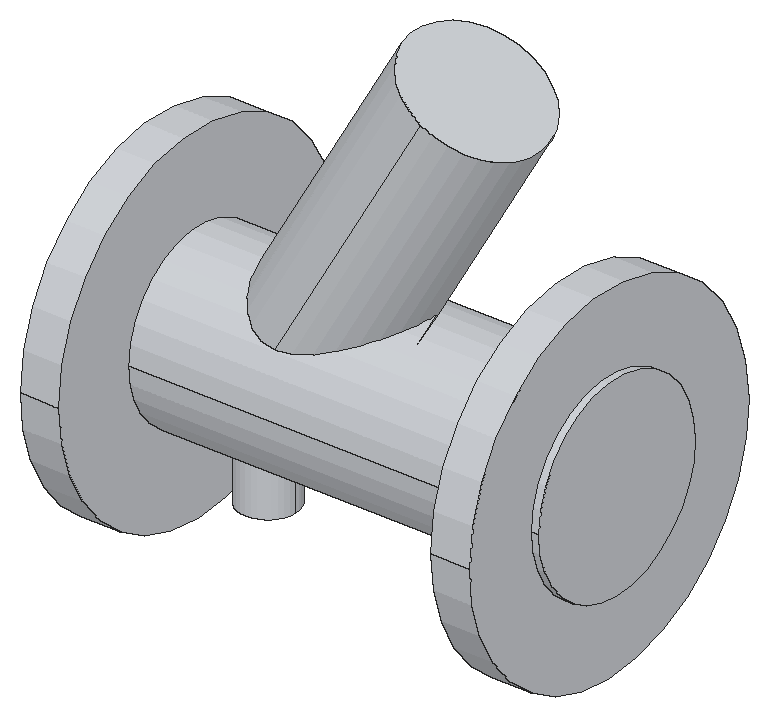
Revit family "HS 821-síto_jemné-PN25-DN040-RFA_2018", category Pipe Accessories, Revit 2018
Family settings
  Round Connector Dimension = Use Diameter
  Part Type = Breaks Into
  Work Plane-Based = No
  Always vertical = Yes
  Cut with Voids When Loaded = No
  Shared = No
Parameters (values of type "821D-DN040-PN25-síto_jemné")
  magiProductId = "c54511bd7f584ec2984291479612cb"
  magiProductFamilyId = "79214ac3aaa945e397802f559f5c1e"
  magiPartTypeId = 307
  isMeasuringValve [instance] = no
  ang2D [instance] = 0.00°
  ZB__ve = -ZB  # -24.5 mm
  ZB1 = 34.02 mm
  ZB = 24.5 mm
  X2 = 75.777 mm
  X1 = 28 mm
  W2D = 15 mm
  VersionID = "2.0/2017.9.26.1/ZETKAMA_821_001"
  Use Minimum Symbol Size [instance] = yes
  URL = "www.hydronic.cz"
  Type Comments = "Filtr přírubový; síto jemné; A-PN16 (-10~300°C); D-PN25 (-10~350°C); F-PN40 (-10~400°C)"
  S = 84 mm
  QmdConnectorList = "301;D;302;D"
  Productdata [instance] = ""
  Manufacturer = "Hydronic Systems Prague s.r.o."
  MC Product Code = "210 240 (821D; DN040; PN25; kvs36,6; oko síta 0,63mm)"
  LM1 = 16 mm
  LM = 160 mm
  L4 = 50 mm
  L2D_Min = 3048 mm
  L2D = 130 mm
  L2 = 100 mm
  HH2 = 131.25 mm
  FD = 150 mm
  Description = "Filtr přírubový; síto jemné; 821A-PN16; 821D-PN25; 821F-PN40"
  DM1 = 60 mm
  DM = 75.6 mm
  D = 40 mm
  CC = 3.4 mm
  CAT0 = yes
  C1 = 16.6 mm
  C = 20 mm
  BD = 23.814 mm
Types (40, lengths in mm): name | magiProductId | ZB__ve | ZB1 | ZB | X2 | X1 | S | MC Product Code | LM1 | LM | L4 | L2 | HH2 | FD | DM1 | DM | D | CC | C1 | C | BD
  821A-DN015-PN16-síto_jemné | "a71bcfe8b393460598b23e8ddf7dc5" | -16.25 | 18.63 | 16.25 | 46.982 | 18.2 | 46 | "210 115 (821A; DN015; PN16; kvs6,2; oko síta 0,63mm)" | 10.4 | 104 | 32.5 | 65 | 81.375 | 95 | 27.6 | 41.4 | 15 | 2.21 | 10.79 | 13 | 13.041
  821A-DN020-PN16-síto_jemné | "41cd6c7a12924f4991217528336076" | -17.75 | 22.68 | 17.75 | 51.673 | 21 | 56 | "210 120 (821A; DN020; PN16; kvs9,6; oko síta 0,63mm)" | 12 | 120 | 37.5 | 75 | 89.5 | 105 | 33.6 | 50.4 | 20 | 2.55 | 12.45 | 15 | 15.876
  821A-DN025-PN16-síto_jemné | "be378b463ed14c3abf4c9b3ae8cf3a" | -19.25 | 26.325 | 19.25 | 58.601 | 22.4 | 65 | "210 125 (821A; DN025; PN16; kvs14,2; oko síta 0,63mm)" | 12.8 | 128 | 40 | 80 | 101.5 | 115 | 43.2 | 58.5 | 25 | 2.72 | 13.28 | 16 | 18.427
  821A-DN032-PN16-síto_jemné | "227a0d18b21540afabe8b6067d35fa" | -23 | 30.78 | 23 | 68.849 | 25.2 | 76 | "210 132 (821A; DN032; PN16; kvs23,1; oko síta 0,63mm)" | 14.4 | 144 | 45 | 90 | 119.25 | 140 | 50.4 | 68.4 | 32 | 3.06 | 14.94 | 18 | 21.546
  821A-DN040-PN16-síto_jemné | "d106917c74724141a10440112d0102" | -24.5 | 34.02 | 24.5 | 75.777 | 28 | 84 | "210 140 (821A; DN040; PN16; kvs36,6; oko síta 0,63mm)" | 16 | 160 | 50 | 100 | 131.25 | 150 | 60 | 75.6 | 40 | 3.4 | 16.6 | 20 | 23.814
  821A-DN050-PN16-síto_jemné | "8255d456a09e4f6486734f5dd9171b" | -26.75 | 40.095 | 26.75 | 79.061 | 32.2 | 99 | "210 150 (821A; DN050 PN16; kvs53,7; oko síta 0,63mm)" | 18.4 | 184 | 57.5 | 115 | 136.938 | 165 | 73.8 | 89.1 | 50 | 3.91 | 19.09 | 23 | 28.066
  821A-DN065-PN16-síto_jemné | "235b1b3e4c0843779a4d5e3716d40a" | -29.75 | 47.79 | 29.75 | 86.927 | 40.6 | 118 | "210 165 (821A; DN065; PN16; kvs95,1; oko síta 0,63mm)" | 23.2 | 232 | 72.5 | 145 | 150.562 | 185 | 94.2 | 106.2 | 65 | 4.93 | 24.07 | 29 | 33.453
  821A-DN080-PN16-síto_jemné | "a067f7c5236348ed8c820d16df7214" | -32 | 53.46 | 32 | 104.753 | 43.4 | 132 | "210 180 (821A; DN080; PN16; kvs137,1; oko síta 0,63mm)" | 24.8 | 248 | 77.5 | 155 | 181.438 | 200 | 107.4 | 118.8 | 80 | 5.27 | 25.73 | 31 | 37.422
  821A-DN100-PN16-síto_jemné | "c49a648c2747461285837d643703cd" | -35 | 63.18 | 35 | 114.857 | 49 | 156 | "210 190 (821A; DN100; PN16; kvs206,4; oko síta 0,63mm)" | 28 | 280 | 87.5 | 175 | 198.937 | 220 | 131.4 | 140.4 | 100 | 5.95 | 29.05 | 35 | 44.226
  821A-DN125-PN16-síto_jemné | "bf68e728a163493cbd2a663b26ebdc" | -39.5 | 74.52 | 39.5 | 131.888 | 56 | 184 | "210 191 (821A; DN125; PN16; kvs268,8; oko síta 0,63mm)" | 32 | 320 | 100 | 200 | 228.438 | 250 | 165 | 165.6 | 125 | 6.8 | 33.2 | 40 | 52.164
  821A-DN150-PN16-síto_jemné | "2de770284b654863ae6bc865769dc5" | -44.75 | 85.455 | 44.75 | 155.885 | 67.2 | 211 | "210 192 (821A; DN150; PN16; kvs401,4; oko síta 0,63mm)" | 38.4 | 384 | 120 | 240 | 270 | 285 | 192 | 189.9 | 150 | 8.16 | 39.84 | 48 | 59.818
  821A-DN200-PN16-síto_jemné | "8e5693371ab64aabb29a7f08c76e15" | -53 | 107.73 | 53 | 188.361 | 84 | 266 | "210 193 (821A; DN200; PN16; kvs706,7; oko síta 0,63mm)" | 48 | 480 | 150 | 300 | 326.25 | 340 | 252 | 239.4 | 200 | 10.2 | 49.8 | 60 | 75.411
  821A-DN250-PN16-síto_jemné | "05e37ed948c34047acdd4c42556504" | -62.75 | 129.195 | 62.75 | 255.911 | 102.2 | 319 | "210 194 (821A; DN250; PN16; kvs1229,4; oko síta 0,63mm)" | 58.4 | 584 | 182.5 | 365 | 443.25 | 405 | 309.6 | 287.1 | 250 | 12.41 | 60.59 | 73 | 90.436
  821A-DN300-PN16-síto_jemné | "9ad0af747269428da925480d83ce80" | -71 | 149.85 | 71 | 325.914 | 119 | 370 | "210 195 (821A; DN300; PN16; kvs1902,4; oko síta 0,63mm)" | 68 | 680 | 212.5 | 425 | 564.5 | 460 | 369.6 | 333 | 300 | 14.45 | 70.55 | 85 | 104.895
  821A-DN350-PN16-síto_jemné | "eebc71459bb3451bb4355e7951370a" | -80 | 173.745 | 80 | 356.875 | 137.2 | 429 | "200 196 (821A; DN350; PN16; kvs2611,0; oko síta 0,63mm)" | 78.4 | 784 | 245 | 490 | 618.125 | 520 | 438 | 386.1 | 350 | 16.66 | 81.34 | 98 | 121.621
  821A-DN400-PN16-síto_jemné | "d2f677cb196647e385b2590e7d8abe" | -89 | 194.4 | 89 | 392.237 | 154 | 480 | "210 197 (821A; DN400; PN16; kvs3438,4; oko síta 0,63mm)" | 88 | 880 | 275 | 550 | 679.375 | 580 | 498 | 432 | 400 | 18.7 | 91.3 | 110 | 136.08
  821D-DN015-PN25-síto_jemné | "27ddcbf555414f8ca1fde329bf9087" | -16.25 | 18.63 | 16.25 | 46.982 | 18.2 | 46 | "210 215 (821D; DN015; PN25; kvs6,2; oko síta 0,63mm)" | 10.4 | 104 | 32.5 | 65 | 81.375 | 95 | 27.6 | 41.4 | 15 | 2.21 | 10.79 | 13 | 13.041
  821D-DN020-PN25-síto_jemné | "270e0f14012f47189cd0235c18faee" | -17.75 | 22.68 | 17.75 | 51.673 | 21 | 56 | "210 220 (821D; DN020; PN25; kvs9,6; oko síta 0,63mm)" | 12 | 120 | 37.5 | 75 | 89.5 | 105 | 33.6 | 50.4 | 20 | 2.55 | 12.45 | 15 | 15.876
  821D-DN025-PN25-síto_jemné | "b9a7fb4aa36643878c637d8e1ab992" | -19.25 | 26.325 | 19.25 | 58.601 | 22.4 | 65 | "210 225 (821D; DN025; PN25; kvs14,2; oko síta 0,63mm)" | 12.8 | 128 | 40 | 80 | 101.5 | 115 | 43.2 | 58.5 | 25 | 2.72 | 13.28 | 16 | 18.427
  821D-DN032-PN25-síto_jemné | "6be9a55c4e68400f94eec7e804204c" | -23 | 30.78 | 23 | 68.849 | 25.2 | 76 | "210 232 (821D; DN032; PN25; kvs23,1; oko síta 0,63mm)" | 14.4 | 144 | 45 | 90 | 119.25 | 140 | 50.4 | 68.4 | 32 | 3.06 | 14.94 | 18 | 21.546
  821D-DN040-PN25-síto_jemné | "c54511bd7f584ec2984291479612cb" | -24.5 | 34.02 | 24.5 | 75.777 | 28 | 84 | "210 240 (821D; DN040; PN25; kvs36,6; oko síta 0,63mm)" | 16 | 160 | 50 | 100 | 131.25 | 150 | 60 | 75.6 | 40 | 3.4 | 16.6 | 20 | 23.814
  821D-DN050-PN25-síto_jemné | "5483b1f596b04cd39b23a14a22c90e" | -26.75 | 40.095 | 26.75 | 79.061 | 32.2 | 99 | "210 250 (821D; DN050; PN25; kvs53,7; oko síta 0,63mm)" | 18.4 | 184 | 57.5 | 115 | 136.938 | 165 | 73.8 | 89.1 | 50 | 3.91 | 19.09 | 23 | 28.066
  821D-DN065-PN25-síto_jemné | "767b0f8318e94750bc7a9930ed5b30" | -29.75 | 47.79 | 29.75 | 86.927 | 40.6 | 118 | "210 265 (821D; DN065; PN25; kvs95,1; oko síta 0,63mm)" | 23.2 | 232 | 72.5 | 145 | 150.562 | 185 | 94.2 | 106.2 | 65 | 4.93 | 24.07 | 29 | 33.453
  821D-DN080-PN25-síto_jemné | "e21040fa3cc2404b858198f6b73709" | -32 | 53.46 | 32 | 104.753 | 43.4 | 132 | "210 280 (821D; DN080; PN25; kvs137,1; oko síta 0,63mm)" | 24.8 | 248 | 77.5 | 155 | 181.438 | 200 | 107.4 | 118.8 | 80 | 5.27 | 25.73 | 31 | 37.422
  821D-DN100-PN25-síto_jemné | "175ca87a506b40b3bc6b82f12f33cf" | -37.25 | 63.18 | 37.25 | 114.857 | 49 | 156 | "210 290 (821D; DN100; PN25; kvs206,4; oko síta 0,63mm)" | 28 | 280 | 87.5 | 175 | 198.937 | 235 | 131.4 | 140.4 | 100 | 5.95 | 29.05 | 35 | 44.226
  821D-DN125-PN25-síto_jemné | "77cc98d60da24855999a22dff726b2" | -42.5 | 74.52 | 42.5 | 131.888 | 56 | 184 | "210 291 (821D; DN125; PN25; kvs268,8; oko síta 0,63mm)" | 32 | 320 | 100 | 200 | 228.438 | 270 | 165 | 165.6 | 125 | 6.8 | 33.2 | 40 | 52.164
  821D-DN150-PN25-síto_jemné | "9cf8acfcd15547d68e83172d3abcbe" | -47 | 85.455 | 47 | 155.885 | 67.2 | 211 | "210 292 (821D; DN150; PN25; kvs401,4; oko síta 0,63mm)" | 38.4 | 384 | 120 | 240 | 270 | 300 | 192 | 189.9 | 150 | 8.16 | 39.84 | 48 | 59.818
  821D-DN200-PN25-síto_jemné | "16973f3c9ea14389ba8602495a6b64" | -56 | 110.97 | 56 | 188.361 | 84 | 274 | "210 293 (821D; DN200; PN25; kvs706,7; oko síta 0,63mm)" | 48 | 480 | 150 | 300 | 326.25 | 360 | 252 | 246.6 | 200 | 10.2 | 49.8 | 60 | 77.679
  821F-DN015-PN40-síto_jemné | "4c7eaf3c4c0340888b3e684d8a8616" | -16.25 | 18.225 | 16.25 | 46.982 | 18.2 | 45 | "250 615 (821F; DN015; PN40; kvs6,2; oko síta 0,63mm)" | 10.4 | 104 | 32.5 | 65 | 81.375 | 95 | 27.6 | 40.5 | 15 | 2.21 | 10.79 | 13 | 12.757
  821F-DN020-PN40-síto_jemné | "aaac5f1ec96b44d6ba96ac2293d66d" | -17.75 | 23.49 | 17.75 | 51.673 | 21 | 58 | "250 620 (821F; DN020; PN40; kvs9,6; oko síta 0,63mm)" | 12 | 120 | 37.5 | 75 | 89.5 | 105 | 33.6 | 52.2 | 20 | 2.55 | 12.45 | 15 | 16.443
  821F-DN025-PN40-síto_jemné | "504768023968471481789485b54c7e" | -19.25 | 27.54 | 19.25 | 58.601 | 22.4 | 68 | "250 625 (821F; DN025; PN40; kvs14,2; oko síta 0,63mm)" | 12.8 | 128 | 40 | 80 | 101.5 | 115 | 43.2 | 61.2 | 25 | 2.72 | 13.28 | 16 | 19.278
  821F-DN032-PN40-síto_jemné | "165e7f39cf744f329bdf1c400dad12" | -23 | 31.59 | 23 | 68.849 | 25.2 | 78 | "250 632 (821F; DN032; PN40; kvs23,1; oko síta 0,63mm)" | 14.4 | 144 | 45 | 90 | 119.25 | 140 | 50.4 | 70.2 | 32 | 3.06 | 14.94 | 18 | 22.113
  821F-DN040-PN40-síto_jemné | "b8903f952089408fbf3a5a632bab1f" | -24.5 | 35.64 | 24.5 | 75.777 | 28 | 88 | "250 640 (821F; DN040; PN40; kvs36,6; oko síta 0,63mm)" | 16 | 160 | 50 | 100 | 131.25 | 150 | 60 | 79.2 | 40 | 3.4 | 16.6 | 20 | 24.948
  821F-DN050-PN40-síto_jemné | "c451f97266fe48da8f879cb6a2bd44" | -26.75 | 41.31 | 26.75 | 79.061 | 32.2 | 102 | "250 650 (821F; DN050; PN40; kvs53,7; oko síta 0,63mm)" | 18.4 | 184 | 57.5 | 115 | 136.938 | 165 | 73.8 | 91.8 | 50 | 3.91 | 19.09 | 23 | 28.917
  821F-DN065-PN40-síto_jemné | "dc9821e3f9b34e128f6a8c6b34c198" | -29.75 | 49.41 | 29.75 | 86.927 | 40.6 | 122 | "250 665 (821F; DN065; PN40; kvs95,1; oko síta 0,63mm)" | 23.2 | 232 | 72.5 | 145 | 150.562 | 185 | 94.2 | 109.8 | 65 | 4.93 | 24.07 | 29 | 34.587
  821F-DN080-PN40-síto_jemné | "689aa1e260f84cf4994f027a1d86b5" | -32 | 55.89 | 32 | 104.753 | 43.4 | 138 | "250 680 (821F; DN080; PN40; kvs137,1; oko síta 0,63mm)" | 24.8 | 248 | 77.5 | 155 | 181.438 | 200 | 107.4 | 124.2 | 80 | 5.27 | 25.73 | 31 | 39.123
  821F-DN100-PN40-síto_jemné | "8a45d4e8e2ab425f8c432f21d684f3" | -37.25 | 65.61 | 37.25 | 114.857 | 49 | 162 | "250 690 (821F; DN100; PN40; kvs206,4; oko síta 0,63mm)" | 28 | 280 | 87.5 | 175 | 198.937 | 235 | 131.4 | 145.8 | 100 | 5.95 | 29.05 | 35 | 45.927
  821F-DN125-PN40-síto_jemné | "cf073904c006406b8645afa67ea2fc" | -42.5 | 76.14 | 42.5 | 131.888 | 56 | 188 | "250 691 (821F; DN125; PN40; kvs268,8; oko síta 0,63mm)" | 32 | 320 | 100 | 200 | 228.438 | 270 | 165 | 169.2 | 125 | 6.8 | 33.2 | 40 | 53.298
  821F-DN150-PN40-síto_jemné | "0153b9ddabe14992a630484929fdbc" | -47 | 88.29 | 47 | 155.885 | 67.2 | 218 | "250 692 (821F; DN150; PN40; kvs401,4; oko síta 0,63mm)" | 38.4 | 384 | 120 | 240 | 270 | 300 | 192 | 196.2 | 150 | 8.16 | 39.84 | 48 | 61.803
  821F-DN200-PN40-síto_jemné | "7fb3fc01dd8d42428c203e3f8dd4d5" | -56 | 115.425 | 56 | 188.361 | 84 | 285 | "250 693 (821F; DN200; PN40; kvs706,7; oko síta 0,63mm)" | 48 | 480 | 150 | 300 | 326.25 | 360 | 252 | 256.5 | 200 | 10.2 | 49.8 | 60 | 80.797
Reference planes
  plane 1 "Center (Front/Back)": y = 0
  plane 2 "XYPLANE": z = 0
  plane 3 "Center (Left/Right)": x = 0
  plane 4 "109": x = -64
  plane 5 "108": x = 80
  plane 6 "107": x = -80
  plane 7 "105": x = 100
  plane 8 "104": x = -100
  plane 9 "103": y = 0
  plane 10 "102": z = 0
  plane 11 "101": x = -96.6
  plane 12 "100": x = 96.6
  plane 13 "11": x = -36
  plane 14 "10": z = 131.25
  plane 15 "9": x = 39.777
  plane 16 "5": z = -34.02
  plane 17 "4": x = -50
  plane 18 "1": x = 50
Forms (mm)
  Extrusion 1, solid, visible <- "CAT0"
    sketch origin (-80, -750, 0) x (0, 1, 0) y (0, 0, 1)
      loop
        circle (750, 0) r 37.8
    from 0 to 160 <- "LM"
  Extrusion 2, solid
    sketch origin (-100, -750, 0) x (0, 1, 0) y (0, 0, 1)
      loop
        circle (750, 0) r 42
    from 0 to 3.4 <- "CC"
  Extrusion 3, solid
    sketch origin (-96.6, -750, 0) x (0, 1, 0) y (0, 0, 1)
      loop
        circle (750, 0) r 75
    from 0 to 16.6 <- "C1"
  Extrusion 4, solid
    sketch origin (80, -750, 0) x (0, 1, 0) y (0, 0, 1)
      loop
        circle (750, 0) r 75
    from 0 to 16.6 <- "C1"
  Extrusion 5, solid
    sketch origin (96.6, -750, 0) x (0, 1, 0) y (0, 0, 1)
      loop
        circle (750, 0) r 42
    from 0 to 3.4 <- "CC"
  Sweep 6, solid, visible <- "CAT0"
    path origin (750, 0, 0) x (-1, 0, 0) y (0, 0, 1)
      loop
        line (830, 0) -> (786, 0) -> (710.223, 131.25)
    profile origin (-80, 0, 0) x (0, 0, -1) y (0, 1, 0)
      loop
        circle (0, 0) r 30
  Extrusion 7, solid, visible <- "CAT0"
    sketch origin (-750, 0, -34.02) x (1, 0, 0) y (0, 1, 0)
      loop
        circle (700, 0) r 11.907
    from 0 to -24.5 <- "ZB__ve"
  Extrusion 8, solid, visible <- "CAT0"
    sketch origin (-750, 0, -34.02) x (1, 0, 0) y (0, 1, 0)
      loop
        circle (800, 0) r 11.907
    from 0 to -24.5 <- "ZB__ve"
  Extrusion 9, solid, not visible
    sketch origin (100, -750, 0) x (0, 1, 0) y (0, 0, 1)
      loop
        circle (750, 0) r 10
    from 0 to -10
  Extrusion 10, solid, not visible
    sketch origin (-100, -750, 0) x (0, 1, 0) y (0, 0, 1)
      loop
        circle (750, 0) r 10
    from 0 to 10
Lines and regions (mm)
  reference lines, not visible
    curve 1: circle (2, 2, 0) r 1 normal (0, 0, 1)
Dimensions and locks
  plane 1 "Center (Front/Back)" to curve 1 = 2 mm
  "LM1": plane 6 "107" to plane 4 "109"
  "LM": plane 6 "107" to plane 5 "108"
  "C": plane 8 "104" to plane 6 "107"
  "L2": plane 3 "Center (Left/Right)" to plane 7 "105"
  "L2": plane 3 "Center (Left/Right)" to plane 8 "104"
  locked: plane 1 "Center (Front/Back)" to plane 9 "103"
  locked: plane 2 "XYPLANE" to plane 10 "102"
  "CC": plane 8 "104" to plane 11 "101"
  "C1": plane 5 "108" to plane 12 "100"
  "X1": plane 4 "109" to plane 13 "11"
  "HH2": plane 2 "XYPLANE" to plane 14 "10"
  "X2": plane 13 "11" to plane 15 "9"
  "ZB1": plane 2 "XYPLANE" to plane 16 "5"
  "L4": plane 8 "104" to plane 17 "4"
  "L2": plane 17 "4" to plane 18 "1"
  Sweep 6 sketch curve to Sweep 6 sketch curve = 0 mm  (x2)
  "DM": diameter of Extrusion 1 sketch curve
  "S": diameter of Extrusion 2 sketch curve
  "FD": diameter of Extrusion 3 sketch curve
  "FD": diameter of Extrusion 4 sketch curve
  "S": diameter of Extrusion 5 sketch curve
  "DM1": diameter of Sweep 6 sketch curve
  "BD": diameter of Extrusion 7 sketch curve
  "BD": diameter of Extrusion 8 sketch curve
  aligned and locked: level to plane 2 "XYPLANE"
  aligned and locked: Extrusion 1 sketch curve to plane 9 "103"
  aligned and locked: plane 10 "102" to Extrusion 1 sketch curve
  aligned and locked: Extrusion 2 sketch curve to plane 9 "103"
  aligned and locked: plane 10 "102" to Extrusion 2 sketch curve
  aligned and locked: Extrusion 3 sketch curve to plane 9 "103"
  aligned and locked: plane 10 "102" to Extrusion 3 sketch curve
  aligned and locked: Extrusion 4 sketch curve to plane 9 "103"
  aligned and locked: plane 10 "102" to Extrusion 4 sketch curve
  aligned and locked: Extrusion 5 sketch curve to plane 9 "103"
  aligned and locked: plane 10 "102" to Extrusion 5 sketch curve
  aligned and locked: Sweep 6 sketch curve to plane 9 "103"
  aligned and locked: plane 10 "102" to Sweep 6 sketch curve  (x3)
  aligned and locked: plane 6 "107" to Sweep 6 sketch curve
  aligned and locked: plane 13 "11" to Sweep 6 sketch curve
  aligned and locked: plane 14 "10" to Sweep 6 sketch curve
  aligned and locked: plane 15 "9" to Sweep 6 sketch curve
  aligned and locked: plane 9 "103" to Extrusion 7 sketch curve
  aligned and locked: plane 17 "4" to Extrusion 7 sketch curve
  aligned and locked: plane 9 "103" to Extrusion 8 sketch curve
  aligned and locked: plane 18 "1" to Extrusion 8 sketch curve
  aligned and locked: Extrusion 9 sketch curve to plane 9 "103"
  aligned and locked: plane 10 "102" to Extrusion 9 sketch curve
  aligned and locked: Extrusion 10 sketch curve to plane 9 "103"
  aligned and locked: plane 10 "102" to Extrusion 10 sketch curve
Automatic sketch dimensions
  plane 1 "Center (Front/Back)" to Extrusion 9 sketch curve = 10 mm
  plane 1 "Center (Front/Back)" to Extrusion 10 sketch curve = 10 mm
  plane 3 "Center (Left/Right)" to curve 1 = 2 mm
  radius of curve 1 = 1 mm
Connectors
  piping at (-100, 0, 0), diameter 40, driven by "D"
    settings: on Extrusion 10, index 1, connector inside diameter 609.6 mm, connector length 0 mm, flow factor 0, pipe flow 0.0 L/s, pressure drop 0.0 Pa, fitting loss kfactor 0, connector angle 0.00°, fixture units 0, engagement length 0 mm, angle of deflection 0.00°, flow configuration 0, flow direction 0, fitting loss method 0, system type 29, joint type 0, gender type 0, connector reference index 2, connector utility 0, adjustable connector no, is connector primary yes, connector description ""
  piping at (100, 0, 0), diameter 40, driven by "D"
    settings: on Extrusion 9, index 2, connector inside diameter 609.6 mm, connector length 0 mm, flow factor 0, pipe flow 0.0 L/s, pressure drop 0.0 Pa, fitting loss kfactor 0, connector angle 0.00°, fixture units 0, engagement length 0 mm, angle of deflection 0.00°, flow configuration 0, flow direction 0, fitting loss method 0, system type 29, joint type 0, gender type 0, connector reference index 1, connector utility 0, adjustable connector no, is connector primary no, connector description ""
